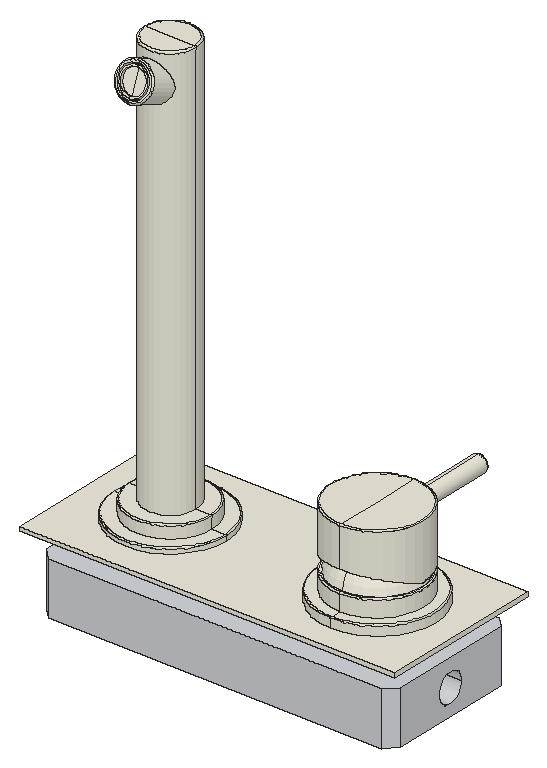
Revit family "Reece_Tap_Sussex_Scala_Straight_Bath Mixer System", category Plumbing Fixtures, host Face, Revit 2018
Family settings
  Host = Face
  Round Connector Dimension = Use Diameter
  Part Type = Normal
  Cut with Voids When Loaded = No
  Shared = Yes
  Room Calculation Point = Yes
Parameters (values of type "200 mm_Right Hand_PVD Brushed Platinum Gold")
  URL = "https://www.reece.com.au/product/-2268237"
  Type Comments = "Tap"
  Reece_Detail_Disclaimer = "THIS FILE IS THE PROPERTY OF THE REECE GROUP. IT MAY NOT BE REPRODUCED, REVERSE-ENGINEERED OR MODIFIED. ANY REPUBLICATION, TRANSMISSION OR DISTRIBUTION FOR THE PURPOSE OF COMMERCIALLY EXPLOITING THE FILES IS PROHIBITED."  # constant formula
  Reece_Connector_Top = if(Reece_Connector_Switch, 120 mm, 50 mm)  # 50 mm
  Reece_Connector_Side = if(Reece_Connector_Switch, 5 mm, 175 mm)  # 175 mm
  Reece_Connector_Switch = no
  Reece_Connector_Angle = if(Reece_Connector_Switch, 180.00°, 0.00°)  # 0.00°
  WFU = 0  # constant formula
  Reece_Tap_Reach = 200 mm
  Reece_Tap_Outlet_Reach = Reece_Tap_Reach - 2 mm  # 198 mm
  Reece_Tap_Inlet = 12 mm  # constant formula
  Reece_Tap_Handle_Projection = 84 mm  # constant formula
  Reece_Tap_Handle_Top_Height = 27 mm  # constant formula
  Reece_Tap_Handle_Height = 42.3 mm  # constant formula
  Reece_Tap_Handle_Bottom_Height = 13 mm  # constant formula
  Reece_Tap_Clearance = 67 mm  # constant formula
  Reece_Backplate_Spout_Thickness = 8.5 mm  # constant formula
  Reece_Right_Void = 24 mm
  Reece_Right Hand = not(Reece_Left Hand)  # yes
  Reece_Product_Web Page = "https://www.reece.com.au/product/-2268237"
  Reece_Product_Type = "Tap"  # constant formula
  Reece_Product_Sub Brand = "Scala"  # constant formula
  Reece_Product_Number = "2268237"
  Reece_Product_Mount = "Wall Mounted"
  Reece_Product_Description = "Sussex Scala Bath Mixer Tap Outlet System Straight 200mm Right Hand Operation LUX PVD Brushed Platinum Gold"
  Reece_Product_Brand = "Sussex"  # constant formula
  Reece_Plumbing_Right_Void_Lenght = 25 mm
  Reece_Plumbing_Left_Void_Lenght = 3 mm
  Reece_Overall_Width = 80 mm  # constant formula
  Reece_Overall_Projection = 210 mm
  Reece_Overall_Length = 180 mm  # constant formula
  Reece_Overall_Diameter = 56 mm  # constant formula
  Reece_Material_Main = Reece_PVD_Brushed_Platinum Gold
  Reece_Left_Void = 12.5 mm
  Reece_Left Hand = no
  Reece_Detail_Shape = "Straight"  # constant formula
  Reece_Detail_Installation = "Right Hand"
  Reece_Detail_Additional = "Bath Mixer System"  # constant formula
  Reece_Backplate_Thickness = 10 mm  # constant formula
  Model = "Scala"
  Manufacturer = "Sussex"
  Keynote = "Product #2268237, Reece_Tap_Sussex_Scala_Straight_Bath Mixer System - 200 mm_Right Hand_PVD Brushed Platinum Gold"
  HWFU = 0  # constant formula
  Disclaimer = "THIS FILE IS THE PROPERTY OF THE REECE GROUP. IT MAY NOT BE REPRODUCED, REVERSE-ENGINEERED OR MODIFIED. ANY REPUBLICATION, TRANSMISSION OR DISTRIBUTION FOR THE PURPOSE OF COMMERCIALLY EXPLOITING THE FILES IS PROHIBITED."  # constant formula
  Description = "Scala Bath Mixer Tap Outlet System Straight 200mm Right Hand Operation LUX PVD Brushed Platinum Gold"
  Default Elevation = 1000 mm
  CWFU = 0  # constant formula
Types (12, lengths in mm): name | URL | Reece_Connector_Top | Reece_Connector_Side | Reece_Connector_Switch | Reece_Connector_Angle | Reece_Tap_Reach | Reece_Tap_Outlet_Reach | Reece_Right_Void | Reece_Right Hand | Reece_Product_Web Page | Reece_Product_Number | Reece_Product_Description | Reece_Plumbing_Right_Void_Lenght | Reece_Plumbing_Left_Void_Lenght | Reece_Overall_Projection | Reece_Material_Main | Reece_Left_Void | Reece_Left Hand | Reece_Detail_Installation | Keynote | Description
  160 mm_Left Hand_Chrome | "https://www.reece.com.au/product/-2262485" | 120 | 5 | yes | 180.00° | 160 | 158 | 12.5 | no | "https://www.reece.com.au/product/-2262485" | "2262485" | "Sussex Scala Bath Mixer Tap Outlet System Straight 160mm Left Hand Operation Chrome" | 3 | 25 | 170 | Reece_Brass_Chrome | 24 | yes | "Left Hand" | "Product #2262485, Reece_Tap_Sussex_Scala_Straight_Bath Mixer System - 160 mm_Left Hand_Chrome" | "Scala Bath Mixer Tap Outlet System Straight 160mm Left Hand Operation Chrome"
  160 mm_Left Hand_PVD Brushed Platinum Gold | "https://www.reece.com.au/product/-2268239" | 120 | 5 | yes | 180.00° | 160 | 158 | 12.5 | no | "https://www.reece.com.au/product/-2268239" | "2268239" | "Sussex Scala Bath Mixer Tap Outlet System Straight 160mm Left Hand Operation LUX PVD Brushed Platinum Gold" | 3 | 25 | 170 | Reece_PVD_Brushed_Platinum Gold | 24 | yes | "Left Hand" | "Product #2268239, Reece_Tap_Sussex_Scala_Straight_Bath Mixer System - 160 mm_Left Hand_PVD Brushed Platinum Gold" | "Scala Bath Mixer Tap Outlet System Straight 160mm Left Hand Operation LUX PVD Brushed Platinum Gold"
  200 mm_Left Hand_Chrome | "https://www.reece.com.au/product/-2262486" | 120 | 5 | yes | 180.00° | 200 | 198 | 12.5 | no | "https://www.reece.com.au/product/-2262486" | "2262486" | "Sussex Scala Bath Mixer Tap Outlet System Straight 200mm Left Hand Operation Chrome" | 3 | 25 | 210 | Reece_Brass_Chrome | 24 | yes | "Left Hand" | "Product #2262486, Reece_Tap_Sussex_Scala_Straight_Bath Mixer System - 200 mm_Left Hand_Chrome" | "Scala Bath Mixer Tap Outlet System Straight 200mm Left Hand Operation Chrome"
  200 mm_Left Hand_PVD Brushed Platinum Gold | "https://www.reece.com.au/product/-2268240" | 120 | 5 | yes | 180.00° | 200 | 198 | 12.5 | no | "https://www.reece.com.au/product/-2268240" | "2268240" | "Sussex Scala Bath Mixer Tap Outlet System Straight 200mm Left Hand Operation LUX PVD Brushed Platinum Gold" | 3 | 25 | 210 | Reece_PVD_Brushed_Platinum Gold | 24 | yes | "Left Hand" | "Product #2268240, Reece_Tap_Sussex_Scala_Straight_Bath Mixer System - 200 mm_Left Hand_PVD Brushed Platinum Gold" | "Scala Bath Mixer Tap Outlet System Straight 200mm Left Hand Operation LUX PVD Brushed Platinum Gold"
  250 mm_Left Hand_Chrome | "https://www.reece.com.au/product/-2262487" | 120 | 5 | yes | 180.00° | 250 | 248 | 12.5 | no | "https://www.reece.com.au/product/-2262487" | "2262487" | "Sussex Scala Bath Mixer Tap Outlet System Straight 250mm Left Hand Operation Chrome" | 3 | 25 | 260 | Reece_Brass_Chrome | 24 | yes | "Left Hand" | "Product #2262487, Reece_Tap_Sussex_Scala_Straight_Bath Mixer System - 250 mm_Left Hand_Chrome" | "Scala Bath Mixer Tap Outlet System Straight 250mm Left Hand Operation Chrome"
  250 mm_Left Hand_PVD Brushed Platinum Gold | "https://www.reece.com.au/product/-2268241" | 120 | 5 | yes | 180.00° | 250 | 248 | 12.5 | no | "https://www.reece.com.au/product/-2268241" | "2268241" | "Sussex Scala Bath Mixer Tap Outlet System Straight 250mm Left Hand Operation LUX PVD Brushed Platinum Gold" | 3 | 25 | 260 | Reece_PVD_Brushed_Platinum Gold | 24 | yes | "Left Hand" | "Product #2268241, Reece_Tap_Sussex_Scala_Straight_Bath Mixer System - 250 mm_Left Hand_PVD Brushed Platinum Gold" | "Scala Bath Mixer Tap Outlet System Straight 250mm Left Hand Operation LUX PVD Brushed Platinum Gold"
  160 mm_Right Hand_Chrome | "https://www.reece.com.au/product/-2262855" | 50 | 175 | no | 0.00° | 160 | 158 | 24 | yes | "https://www.reece.com.au/product/-2262855" | "2262855" | "Sussex Scala Bath Mixer Tap Outlet System Straight 160mm Right Hand Operation Chrome" | 25 | 3 | 170 | Reece_Brass_Chrome | 12.5 | no | "Right Hand" | "Product #2262855, Reece_Tap_Sussex_Scala_Straight_Bath Mixer System - 160 mm_Right Hand_Chrome" | "Scala Bath Mixer Tap Outlet System Straight 160mm Right Hand Operation Chrome"
  160 mm_Right Hand_PVD Brushed Platinum Gold | "https://www.reece.com.au/product/-2268236" | 50 | 175 | no | 0.00° | 160 | 158 | 24 | yes | "https://www.reece.com.au/product/-2268236" | "2268236" | "Sussex Scala Bath Mixer Tap Outlet System Straight 160mm Right Hand Operation LUX PVD Brushed Platinum Gold" | 25 | 3 | 170 | Reece_PVD_Brushed_Platinum Gold | 12.5 | no | "Right Hand" | "Product #2268236, Reece_Tap_Sussex_Scala_Straight_Bath Mixer System - 160 mm_Right Hand_PVD Brushed Platinum Gold" | "Scala Bath Mixer Tap Outlet System Straight 160mm Right Hand Operation LUX PVD Brushed Platinum Gold"
  200 mm_Right Hand_Chrome | "https://www.reece.com.au/product/-2262857" | 50 | 175 | no | 0.00° | 200 | 198 | 24 | yes | "https://www.reece.com.au/product/-2262857" | "2262857" | "Sussex Scala Bath Mixer Tap Outlet System Straight 200mm Right Hand Operation Chrome" | 25 | 3 | 210 | Reece_Brass_Chrome | 12.5 | no | "Right Hand" | "Product #2262857, Reece_Tap_Sussex_Scala_Straight_Bath Mixer System - 200 mm_Right Hand_Chrome" | "Scala Bath Mixer Tap Outlet System Straight 200mm Right Hand Operation Chrome"
  200 mm_Right Hand_PVD Brushed Platinum Gold | "https://www.reece.com.au/product/-2268237" | 50 | 175 | no | 0.00° | 200 | 198 | 24 | yes | "https://www.reece.com.au/product/-2268237" | "2268237" | "Sussex Scala Bath Mixer Tap Outlet System Straight 200mm Right Hand Operation LUX PVD Brushed Platinum Gold" | 25 | 3 | 210 | Reece_PVD_Brushed_Platinum Gold | 12.5 | no | "Right Hand" | "Product #2268237, Reece_Tap_Sussex_Scala_Straight_Bath Mixer System - 200 mm_Right Hand_PVD Brushed Platinum Gold" | "Scala Bath Mixer Tap Outlet System Straight 200mm Right Hand Operation LUX PVD Brushed Platinum Gold"
  250 mm_Right Hand_Chrome | "https://www.reece.com.au/product/-2262859" | 50 | 175 | no | 0.00° | 250 | 248 | 24 | yes | "https://www.reece.com.au/product/-2262859" | "2262859" | "Sussex Scala Bath Mixer Tap Outlet System Straight 250mm Right Hand Operation Chrome" | 25 | 3 | 260 | Reece_Brass_Chrome | 12.5 | no | "Right Hand" | "Product #2262859, Reece_Tap_Sussex_Scala_Straight_Bath Mixer System - 250 mm_Right Hand_Chrome" | "Scala Bath Mixer Tap Outlet System Straight 250mm Right Hand Operation Chrome"
  250 mm_Right Hand_PVD Brushed Platinum Gold | "https://www.reece.com.au/product/-2268238" | 50 | 175 | no | 0.00° | 250 | 248 | 24 | yes | "https://www.reece.com.au/product/-2268238" | "2268238" | "Sussex Scala Bath Mixer Tap Outlet System Straight 250mm Right Hand Operation LUX PVD Brushed Platinum Gold" | 25 | 3 | 260 | Reece_PVD_Brushed_Platinum Gold | 12.5 | no | "Right Hand" | "Product #2268238, Reece_Tap_Sussex_Scala_Straight_Bath Mixer System - 250 mm_Right Hand_PVD Brushed Platinum Gold" | "Scala Bath Mixer Tap Outlet System Straight 250mm Right Hand Operation LUX PVD Brushed Platinum Gold"
Reference planes
  plane 1 "Center (Front/Back)": y = 0
  plane 2 "Bottom": z = 0
  plane 3 "Center (Left/Right)": x = 0
  plane 4 "Top": z = 200
  plane 5: y = 40
  plane 6: y = -40
  plane 7: x = -90
  plane 8: x = 90
  plane 9: x = -49.8
  plane 10: x = 49.8
  plane 11: y = -67
  plane 12: z = 2
  plane 13: z = -23.75
  plane 14: x = -87
  plane 15: y = 37
  plane 16: y = 15
  plane 17: x = 65
  plane 18: z = 210
  plane 19: y = -22.5
  plane 20: y = 61.5
  plane 21: x = 85
  plane 22: x = -85
Forms (mm)
  Extrusion 1, solid, material "Reece_PVD_Brushed_Platinum Gold" <- "Reece_Material_Main"
    sketch origin (0, 0, 0) x (1, 0, 0) y (0, 1, 0)
      loop
        line (-90, 40) -> (-90, -40) -> (90, -40) -> (90, 40) -> (-90, 40)
    from 0 to 2
  Revolve 2, void
    sketch origin (0, 0, 0) x (1, 0, 0) y (0, 0, 1)
      loop
        line (-49.8, 2) -> (-49.8, -39.258) -> (-37.3, -39.258) -> (-37.3, 2) -> (-49.8, 2)
      axis (-49.8, 2) -> (-49.8, -39.258)
    angle from 0 to 360
  Revolve 3, void
    sketch origin (99.6, 0, 0) x (1, 0, 0) y (0, 0, 1)
      loop
        line (-49.8, 2) -> (-49.8, -41.506) -> (-25.8, -41.506) -> (-25.8, 2) -> (-49.8, 2)
      axis (-49.8, 2) -> (-49.8, -41.506)
    angle from 0 to 360
  Revolve 4, solid, visible <- "Reece_Left Hand"
    sketch origin (-79.101, 0, 1219.2) x (-1, 0, 0) y (0, 0, -1)
      loop
        line (-140.374, 1230.612) -> (-140.374, 1229.603) -> (-139.209, 1229.603) -> (-139.978, 1229.064) -> (-139.209, 1228.526) -> (-139.978, 1227.987) -> (-139.209, 1227.449) -> (-139.978, 1226.91) -> (-139.209, 1226.371) -> (-139.978, 1225.833) -> (-139.209, 1225.294) -> (-139.978, 1224.756) -> (-139.209, 1224.217) -> (-139.978, 1223.678) -> (-139.209, 1223.14) -> (-139.978, 1222.601) -> (-139.209, 1222.063) -> (-139.978, 1221.524) -> (-139.209, 1220.985) -> (-139.978, 1220.447) -> (-139.209, 1219.908) -> (-139.978, 1219.37) -> (-139.209, 1218.831) -> (-139.978, 1218.292) -> (-139.209, 1217.754) -> (-140, 1217.2) -> (-128.901, 1217.2) -> (-128.901, 1230.612) -> (-140.374, 1230.612)
      axis (-128.901, 1217.2) -> (-128.901, 1230.612)
    angle from 0 to 360
  Extrusion 5, solid
    sketch origin (0, 0, 0) x (1, 0, 0) y (0, 1, 0)
      loop
        line (-85, 30) -> (-85, -30) -> (-80, -35) -> (80, -35) -> (85, -30) -> (85, 30) -> (80, 35) -> (-80, 35) -> (-85, 30)
    from -36.057 to -10.403
  Extrusion 6, void
    sketch origin (0, 0, 0) x (1, 0, 0) y (0, 1, 0)
      loop
        line (-90, 40) -> (-90, -40) -> (90, -40) -> (90, 40) -> (-90, 40)
    from -46.112 to 0
  Revolve 7, solid, visible <- "Reece_Left Hand"
    sketch origin (0, 0, 0) x (1, 0, 0) y (0, 0, 1)
      loop
        line (-49.8, 2) -> (-49.8, -11.412) -> (-27.752, -11.412) -> (-27.752, 2) -> (-49.8, 2)
      axis (-49.8, 2) -> (-49.8, -11.412)
    angle from 0 to 360
  Revolve 8, solid, visible <- "Reece_Right Hand"
    sketch origin (99.6, 0, 0) x (1, 0, 0) y (0, 0, 1)
      loop
        line (-49.8, 2) -> (-49.8, -11.412) -> (-27.8, -11.412) -> (-27.8, 2) -> (-49.8, 2)
      axis (-49.8, 2) -> (-49.8, -11.412)
    angle from 0 to 360
  Revolve 9, solid, visible <- "Reece_Right Hand"
    sketch origin (79.101, 0, 1219.2) x (1, 0, 0) y (0, 0, 1)
      loop
        line (-140.374, -1230.612) -> (-128.901, -1230.612) -> (-128.901, -1217.2) -> (-140, -1217.2) -> (-139.209, -1217.754) -> (-139.978, -1218.292) -> (-139.209, -1218.831) -> (-139.978, -1219.37) -> (-139.209, -1219.908) -> (-139.978, -1220.447) -> (-139.209, -1220.985) -> (-139.978, -1221.524) -> (-139.209, -1222.063) -> (-139.978, -1222.601) -> (-139.209, -1223.14) -> (-139.978, -1223.678) -> (-139.209, -1224.217) -> (-139.978, -1224.756) -> (-139.209, -1225.294) -> (-139.978, -1225.833) -> (-139.209, -1226.371) -> (-139.978, -1226.91) -> (-139.209, -1227.449) -> (-139.978, -1227.987) -> (-139.209, -1228.526) -> (-139.978, -1229.064) -> (-139.209, -1229.603) -> (-140.374, -1229.603) -> (-140.374, -1230.612)
      axis (-128.901, -1217.2) -> (-128.901, -1230.612)
    angle from 0 to 360
  Revolve 10, void
    sketch origin (0, 0, -23.75) x (1, 0, 0) y (0, 1, 0)
      loop
        line (34.8, 15) -> (41.8, 15) -> (41.8, 40) -> (34.8, 40) -> (34.8, 15)
      axis (34.8, 40) -> (34.8, 15)
    angle from 0 to 360
  Revolve 11, void
    sketch origin (0, 0, -23.5) x (1, 0, 0) y (0, 1, 0)
      loop
        line (65, 0) -> (90, 0) -> (90, 7) -> (65, 7) -> (65, 0)
      axis (65, 0) -> (90, 0)
    angle from 0 to 360
  Revolve 12, void
    sketch origin (0, 0, -23.75) x (-1, 0, 0) y (0, -1, 0)
      loop
        line (34.8, -37) -> (34.8, -40) -> (41.8, -40) -> (41.8, -37) -> (34.8, -37)
      axis (34.8, -40) -> (34.8, -37)
    angle from 0 to 360
  Revolve 13, void
    sketch origin (0, 0, -23.5) x (-1, 0, 0) y (0, -1, 0)
      loop
        line (87, 0) -> (87, -7) -> (90, -7) -> (90, 0) -> (87, 0)
      axis (87, 0) -> (90, 0)
    angle from 0 to 360
Cuts and joins
  Revolve 2, Revolve 3, Revolve 10 cuts Extrusion 1
  Revolve 10 cuts Revolve 8
  Revolve 10, Revolve 11, Revolve 12, Revolve 13 cuts Extrusion 5
Lines and regions (mm)
  reference lines
    curve 1: line (85, 0, -23.75) -> (-85, 0, -23.75)
    curve 2: line (35, -32, -23.75) -> (35, 35, -23.75)
Text (mm)
  text "Reece Copyright © 2018, Reece Ltd." at (-184.095, -168.531, 0), in view "Ref. Level"
  text "Reece ©" at (44.384, 258.95, 192.345), in view "Reece Preview"
Dimensions and locks
  "Reece_Tap_Reach": plane 4 "Top" to plane 2 "Bottom"
  "Reece_Overall_Width": plane 6 to plane 5
  "Reece_Overall_Length": plane 7 to plane 8
  plane 9 to plane 10 = 99.6 mm
  "Reece_Tap_Clearance": plane 11 to plane 1 "Center (Front/Back)"
  plane 4 "Top" to plane 2 "Bottom" = 200 mm
  plane 10 to plane 9 = 99.6 mm
  plane 2 "Bottom" to plane 4 "Top" = 200 mm
  "Reece_Tap_Clearance": plane 1 "Center (Front/Back)" to plane 11
  "Reece_Left_Void": Revolve 2 sketch curve to Revolve 2 sketch curve
  "Reece_Right_Void": Revolve 3 sketch curve to Revolve 3 sketch curve
  "Reece_Plumbing_Left_Void_Lenght": plane 7 to plane 14
  "Reece_Plumbing_Left_Void_Lenght": plane 15 to plane 5
  "Reece_Plumbing_Right_Void_Lenght": plane 5 to plane 16
  "Reece_Plumbing_Right_Void_Lenght": plane 17 to plane 8
  "Reece_Overall_Projection": plane 18 to plane 2 "Bottom"
  "Reece_Tap_Handle_Projection": plane 20 to plane 19
  locked: plane 7 to plane 3 "Center (Left/Right)" at 90
  "Reece_Connector_Side": plane 7 to curve 1
  "Reece_Connector_Top": curve 2 to plane 21
  locked: cut or joined group of Extrusion 1, Revolve 2, Revolve 3, Revolve 10 to Extrusion 5 sketch curve at 5  (x2)
  locked: cut or joined group of Extrusion 1, Revolve 2, Revolve 3, Revolve 10 to Extrusion 5 sketch curve at 10  (x2)
  locked: plane 20 to curve 2 at 26.5
  locked: Revolve 8 sketch curve to Revolve 8 sketch curve at 22
  "Reece_Connector_Angle": angle plane 1 "Center (Front/Back)" to curve 1
  aligned and locked: plane 2 "Bottom" to host face
  aligned and locked: level to host face
  aligned and locked: plane 9 to nested 1
  aligned and locked: plane 10 to nested 2
  aligned and locked: plane 1 "Center (Front/Back)" to nested 2
  aligned and locked: plane 5 to Revolve 10 sketch curve
  aligned and locked: plane 7 to Revolve 13
  aligned and locked: plane 15 to cut or joined group of Extrusion 5, Revolve 10, Revolve 11, Revolve 12, Revolve 13
  aligned and locked: plane 16 to cut or joined group of Extrusion 5, Revolve 10, Revolve 11, Revolve 12, Revolve 13
  aligned and locked: plane 17 to cut or joined group of Extrusion 5, Revolve 10, Revolve 11, Revolve 12, Revolve 13
  aligned and locked: plane 14 to Revolve 13
Automatic sketch dimensions
  host sketch curve to host sketch curve = 380.785 mm
  host sketch curve to host sketch curve = 317.421 mm
  plane 6 to Extrusion 1 sketch curve = 0 mm
  Extrusion 1 sketch curve to plane 7 = 0 mm
  Extrusion 1 sketch curve to plane 8 = 0 mm
  plane 5 to Extrusion 1 sketch curve = 0 mm
  Extrusion 5 sketch curve to plane 22 = 0 mm
  Extrusion 5 sketch curve to plane 21 = 0 mm
  Extrusion 5 sketch curve to plane 22 = 5 mm  (x2)
  plane 21 to Extrusion 5 sketch curve = 5 mm  (x2)
  Extrusion 5 sketch curve to plane 19 = 7.5 mm  (x2)
  Extrusion 5 sketch curve to plane 6 = 5 mm
  plane 6 to Extrusion 6 sketch curve = 0 mm
  Extrusion 6 sketch curve to plane 7 = 0 mm
  Extrusion 6 sketch curve to plane 8 = 0 mm
  plane 5 to Extrusion 6 sketch curve = 0 mm
  Revolve 7 sketch curve to plane 9 = 0 mm  (x2)
  Revolve 7 sketch curve to plane 12 = 0 mm
  Revolve 7 sketch curve to Revolve 7 sketch curve = 22.048 mm
  Revolve 7 sketch curve to level = 11.412 mm
  Revolve 7 sketch curve to level = 3 mm
  plane 13 to Revolve 7 sketch curve = 5.75 mm
  Revolve 8 sketch curve to plane 10 = 0 mm  (x2)
  Revolve 8 sketch curve to plane 12 = 0 mm
  Revolve 8 sketch curve to level = 11.412 mm
  Revolve 8 sketch curve to level = 3 mm
  plane 13 to Revolve 8 sketch curve = 5.75 mm
  Revolve 9 sketch curve to plane 12 = 0 mm
  Revolve 9 sketch curve to plane 9 = 0 mm  (x2)
  level to Revolve 9 sketch curve = 0.369 mm
  Revolve 9 sketch curve to plane 9 = 10.308 mm
  Revolve 9 sketch curve to plane 12 = 0.554 mm
  Revolve 9 sketch curve to Revolve 9 sketch curve = 0 mm  (x11)
  Revolve 9 sketch curve to level = 0.708 mm
  Revolve 9 sketch curve to level = 1.785 mm
  Revolve 9 sketch curve to level = 2.863 mm
  Revolve 9 sketch curve to level = 3.94 mm
  Revolve 9 sketch curve to level = 5.017 mm
  Revolve 9 sketch curve to Revolve 9 sketch curve = 0.769 mm  (x11)
  Revolve 9 sketch curve to level = 4.478 mm
  Revolve 9 sketch curve to level = 3.401 mm
  Revolve 9 sketch curve to level = 2.324 mm
  Revolve 9 sketch curve to level = 1.247 mm
  Revolve 9 sketch curve to level = 0.17 mm
  level to Revolve 9 sketch curve = 0.908 mm
  Revolve 9 sketch curve to Revolve 9 sketch curve = 0.791 mm
  Revolve 9 sketch curve to Revolve 9 sketch curve = 0.397 mm
  Revolve 9 sketch curve to Revolve 9 sketch curve = 0.539 mm  (x10)
  Revolve 9 sketch curve to Revolve 9 sketch curve = 1.009 mm
  Revolve 9 sketch curve to plane 13 = 13.767 mm
  Revolve 9 sketch curve to Revolve 9 sketch curve = 6.93 mm
  Revolve 10 sketch curve to plane 16 = 0 mm
  Revolve 10 sketch curve to plane 10 = 15 mm
  Revolve 10 sketch curve to Revolve 10 sketch curve = 7 mm
  Revolve 10 sketch curve to Revolve 10 sketch curve = 0 mm
  Revolve 10 sketch curve to Revolve 10 sketch curve = 9.784 mm
  Revolve 10 sketch curve to Revolve 10 sketch curve = 8 mm
  plane 1 "Center (Front/Back)" to Revolve 11 sketch curve = 0 mm  (x2)
  Revolve 11 sketch curve to plane 17 = 0 mm
  Revolve 11 sketch curve to plane 8 = 0 mm
  Revolve 11 sketch curve to Revolve 11 sketch curve = 7 mm
  plane 21 to Revolve 11 sketch curve = 5 mm
  Revolve 11 sketch curve to Revolve 11 sketch curve = 10 mm
  plane 15 to Revolve 12 sketch curve = 0 mm
  plane 5 to Revolve 12 sketch curve = 0 mm
  plane 9 to Revolve 12 sketch curve = 15 mm
  Revolve 12 sketch curve to Revolve 12 sketch curve = 7 mm
  Revolve 12 sketch curve to Revolve 12 sketch curve = 0 mm
  Revolve 12 sketch curve to plane 5 = 8 mm
  plane 16 to Revolve 12 sketch curve = 8.643 mm
  plane 1 "Center (Front/Back)" to Revolve 13 sketch curve = 0 mm  (x2)
  Revolve 13 sketch curve to plane 14 = 0 mm
  Revolve 13 sketch curve to plane 7 = 0 mm
  Revolve 13 sketch curve to plane 1 "Center (Front/Back)" = 7 mm
  Revolve 13 sketch curve to plane 22 = 5 mm
  plane 7 to Revolve 13 sketch curve = 10 mm
  Revolve 4 sketch curve to plane 12 = 0 mm
  Revolve 4 sketch curve to plane 10 = 0 mm
  plane 10 to Revolve 4 sketch curve = 0 mm
  Revolve 4 sketch curve to level = 5.017 mm
  Revolve 4 sketch curve to Revolve 4 sketch curve = 10.308 mm
  Revolve 4 sketch curve to plane 12 = 0.554 mm
  Revolve 4 sketch curve to Revolve 4 sketch curve = 0 mm  (x11)
  level to Revolve 4 sketch curve = 0.369 mm
  Revolve 4 sketch curve to level = 0.708 mm
  Revolve 4 sketch curve to level = 1.785 mm
  Revolve 4 sketch curve to level = 7.171 mm
  Revolve 4 sketch curve to level = 2.863 mm
  Revolve 4 sketch curve to level = 6.094 mm
  Revolve 4 sketch curve to level = 3.94 mm
  level to Revolve 4 sketch curve = 0.908 mm
  Revolve 4 sketch curve to Revolve 4 sketch curve = 0.769 mm  (x11)
  Revolve 4 sketch curve to level = 5.556 mm
  Revolve 4 sketch curve to level = 4.478 mm
  Revolve 4 sketch curve to level = 3.401 mm
  Revolve 4 sketch curve to level = 6.633 mm
  Revolve 4 sketch curve to level = 7.71 mm
  Revolve 4 sketch curve to level = 2.324 mm
  Revolve 4 sketch curve to level = 1.247 mm
  Revolve 4 sketch curve to level = 0.17 mm
  Revolve 4 sketch curve to Revolve 4 sketch curve = 0.791 mm
  Revolve 4 sketch curve to Revolve 4 sketch curve = 1.166 mm
  Revolve 4 sketch curve to Revolve 4 sketch curve = 0.539 mm  (x5)
  Revolve 4 sketch curve to Revolve 4 sketch curve = 1.009 mm
  plane 12 to Revolve 4 sketch curve = 6.93 mm
  Revolve 4 sketch curve to plane 13 = 13.767 mm
  Revolve 2 sketch curve to plane 9 = 0 mm  (x2)
  Revolve 2 sketch curve to plane 12 = 0 mm
  Revolve 2 sketch curve to plane 13 = 15.508 mm
  plane 13 to Revolve 2 sketch curve = 3.265 mm
  Revolve 2 sketch curve to Revolve 2 sketch curve = 1.228 mm
  Revolve 3 sketch curve to plane 10 = 0 mm  (x2)
  Revolve 3 sketch curve to plane 12 = 0 mm
  Revolve 3 sketch curve to plane 13 = 17.756 mm
  plane 13 to Revolve 3 sketch curve = 3.265 mm
  Revolve 3 sketch curve to Revolve 3 sketch curve = 1.02 mm
  plane 1 "Center (Front/Back)" to curve 1 = 0 mm
  curve 2 to plane 6 = 8 mm
Nested families
  nested 1: "Reece_Tap_Sussex_Scala_Mixer_Nested" at (-49.8, 0, 2), visible <- "Reece_Left Hand", Reece_Material_Main <- "Reece_Material_Main", Reece_Overall_Diameter <- "Reece_Overall_Diameter", Reece_Tap_Handle_Height <- "Reece_Tap_Handle_Height", Reece_Tap_Handle_Top_Height <- "Reece_Tap_Handle_Top_Height", Reece_Tap_Handle_Bottom_Height <- "Reece_Tap_Handle_Bottom_Height", Reece_Tap_Projection <- "Reece_Tap_Handle_Projection", type "Reece_Tap_Sussex_Scala_Mixer_Nested"
    with Reece_Tap_Projection 84 mm, Reece_Tap_Handle_Top_Height 27 mm, Reece_Tap_Handle_Height 42.3 mm, Reece_Tap_Handle_Bottom_Height 13 mm, Reece_Overall_Diameter 56 mm, Reece_Material_Main Reece_PVD_Brushed_Platinum Gold
  nested 2: "Reece_Tap_Sussex_Scala_Mixer_Nested" at (49.8, 0, 2), visible <- "Reece_Right Hand", Reece_Material_Main <- "Reece_Material_Main", Reece_Overall_Diameter <- "Reece_Overall_Diameter", Reece_Tap_Handle_Height <- "Reece_Tap_Handle_Height", Reece_Tap_Handle_Top_Height <- "Reece_Tap_Handle_Top_Height", Reece_Tap_Handle_Bottom_Height <- "Reece_Tap_Handle_Bottom_Height", Reece_Tap_Projection <- "Reece_Tap_Handle_Projection", type "Reece_Tap_Sussex_Scala_Mixer_Nested"
    with Reece_Tap_Projection 84 mm, Reece_Tap_Handle_Top_Height 27 mm, Reece_Tap_Handle_Height 42.3 mm, Reece_Tap_Handle_Bottom_Height 13 mm, Reece_Overall_Diameter 56 mm, Reece_Material_Main Reece_PVD_Brushed_Platinum Gold
  nested 3: "Reece_Tap_Sussex_Scala_Outlet_Nested" at (49.8, 0, 0.844), visible <- "Reece_Left Hand", Reece_Tap_Reach <- "Reece_Tap_Outlet_Reach", Reece_Material_Main <- "Reece_Material_Main", Reece_Overall_Projection <- "Reece_Overall_Projection", Reece_Backplate_Spout_Thickness <- "Reece_Backplate_Spout_Thickness", type "Reece_Tap_Sussex_Scala_Outlet_Nested"
    with Reece_Tap_Reach 198 mm, Reece_Overall_Projection 210 mm, Reece_Material_Main Reece_PVD_Brushed_Platinum Gold, Reece_Backplate_Spout_Thickness 8.5 mm, Default Elevation 1000 mm
  nested 4: "Reece_Tap_Sussex_Scala_Outlet_Nested" at (-49.8, 0, 0.844), visible <- "Reece_Right Hand", Reece_Tap_Reach <- "Reece_Tap_Outlet_Reach", Reece_Material_Main <- "Reece_Material_Main", Reece_Overall_Projection <- "Reece_Overall_Projection", Reece_Backplate_Spout_Thickness <- "Reece_Backplate_Spout_Thickness", type "Reece_Tap_Sussex_Scala_Outlet_Nested"
    with Reece_Tap_Reach 198 mm, Reece_Overall_Projection 210 mm, Reece_Material_Main Reece_PVD_Brushed_Platinum Gold, Reece_Backplate_Spout_Thickness 8.5 mm, Default Elevation 1000 mm
Connectors
  piping at (85, 0, -23.75), diameter 12, driven by "Reece_Tap_Inlet"
    settings: on curve 1, index 3, connector inside diameter 609.6 mm, connector length 0 mm, flow factor 0, pipe flow 0.0 L/s, pressure drop 0.0 Pa, fitting loss kfactor 0, connector angle 0.00°, fixture units 0, engagement length 0 mm, angle of deflection 0.00°, flow configuration 0, flow direction 1, fitting loss method 0, system type 29, joint type 0, gender type 0, connector reference index -1, connector utility 0, adjustable connector no, is connector primary yes, connector description ""
  piping at (35, 35, -23.75), diameter 12, driven by "Reece_Tap_Inlet"
    settings: on curve 2, index 4, connector inside diameter 609.6 mm, connector length 0 mm, flow factor 0, pipe flow 0.0 L/s, pressure drop 0.0 Pa, fitting loss kfactor 0, connector angle 0.00°, fixture units 0, engagement length 0 mm, angle of deflection 0.00°, flow configuration 0, flow direction 1, fitting loss method 0, system type 29, joint type 0, gender type 0, connector reference index -1, connector utility 0, adjustable connector no, is connector primary no, connector description ""
Definition of nested family "Reece_Tap_Sussex_Scala_Mixer_Nested"
  Parameters (values of type "Reece_Tap_Sussex_Scala_Mixer_Nested")
    Waste Connection = no
    WFU = 0
    Vent Connection = no
    URL = ""
    Type Comments = ""
    Reece_Tap_Projection [instance] = 85 mm
    Reece_Tap_Handle_Top_Height [instance] = 30 mm
    Reece_Tap_Handle_Height [instance] = 46.4 mm
    Reece_Tap_Handle_Bottom_Height [instance] = 15 mm
    Reece_Overall_Diameter [instance] = 55 mm
    Reece_Material_Main [instance] = none
    Model = ""
    Manufacturer = ""
    Keynote = ""
    HWFU = 0
    HW Connection = no
    Description = ""
    Default Elevation = 0 mm
    Cost = 0
    CWFU = 0
    CW Connection = no
    Assembly Code = ""
  Reference planes
    plane 1 "Center (Front/Back)": y = 0
    plane 2 "Bottom": z = 0
    plane 3 "Center (Left/Right)": x = 0
    plane 4: y = -27.5
    plane 5: y = 27.5
    plane 6: z = 36
    plane 7: x = -27
    plane 8: x = 27
    plane 9: z = 46.4
    plane 10: z = 16.4
    plane 11: z = 15
    plane 12: z = 4.8
    plane 13: x = -22.5
    plane 14: x = 22.5
    plane 15: y = 22.5
    plane 16: y = -22.5
    plane 17: y = 62.5
  Forms (mm)
    Extrusion 1, solid
      sketch origin (619.2, -619.2, 0) x (1, 0, 0) y (0, 1, 0)
        loop
          line (-809.2, 779.2) -> (-809.2, 461.779) -> (-428.415, 461.779) -> (-428.415, 779.2) -> (-809.2, 779.2)
      from 0 to -9.564
    Revolve 2, solid, material <- "Reece_Material_Main"
      sketch origin (0, 0, 0) x (0, 1, 0) y (0, 0, 1)
        loop
          line (0, 0) -> (0, 15) -> (-22, 15)
          arc (-22, 15) -> (-22.354, 14.854) -> (-22.5, 14.5) r 0.5
          line (-22.5, 14.5) -> (-22.5, 4.8) -> (-27, 4.8)
          arc (-27, 4.8) -> (-27.354, 4.654) -> (-27.5, 4.3) r 0.5
          line (-27.5, 4.3) -> (-27.5, 0) -> (0, 0)
        axis (0, 15) -> (0, 0)
      angle from 0 to 360
    Revolve 3, solid, material <- "Reece_Material_Main"
      sketch origin (0, 0, 0) x (0, 1, 0) y (0, 0, 1)
        loop
          line (0, 15) -> (0, 31.322)
          arc (0, 31.322) -> (-13.307, 26.749) -> (-21.048, 15) r 21.8
          line (-21.048, 15) -> (0, 15)
        axis (0, 31.322) -> (0, 15)
      angle from 0 to 360
    Revolve 4, solid, material <- "Reece_Material_Main"
      sketch origin (0, 0, 0) x (0, 1, 0) y (0, 0, 1)
        loop
          line (0, 46.4) -> (-22, 46.4)
          arc (-22, 46.4) -> (-22.354, 46.254) -> (-22.5, 45.9) r 0.5
          line (-22.5, 45.9) -> (-22.5, 16.9)
          arc (-22.5, 16.9) -> (-22.354, 16.546) -> (-22, 16.4) r 0.5
          line (-22, 16.4) -> (0, 16.4) -> (0, 46.4)
        axis (0, 46.4) -> (0, 16.4)
      angle from 0 to 360
    Extrusion 5, void
      sketch origin (0, 0, 0) x (0, 1, 0) y (0, 0, 1)
        loop
          line (0, 16.4) -> (-25.877, 28.551) -> (-25.877, 16.4) -> (0, 16.4)
      from -27 to 27
    Revolve 6, solid, material <- "Reece_Material_Main"
      sketch origin (0, 0, 30.1) x (0, -1, 0) y (0, 0, -1)
        loop
          line (0, -5.9) -> (-62.5, -5.9) -> (-62.5, -9.4)
          arc (-62.5, -9.4) -> (-62.354, -9.754) -> (-62, -9.9) r 0.5
          line (-62, -9.9) -> (0, -9.9) -> (0, -5.9)
        axis (0, -5.9) -> (-62.5, -5.9)
      angle from 0 to 360
  Cuts and joins
    Extrusion 5 cuts Revolve 4
    joined: Revolve 2, Revolve 3, Revolve 4, Revolve 6
  Text (mm)
    text "Reece Copyright © 2018, Reece Ltd." at (-535.299, -238.73, 0), in view "Ref. Level"
    text "Reece ©" at (44.384, 258.95, 192.345), in view "Reece Preview"
  Dimensions and locks
    "Reece_Overall_Diameter": plane 4 to plane 5
    equal spacing: plane 4, plane 1 "Center (Front/Back)", plane 5
    "Reece_Tap_Handle_Top_Height": plane 9 to plane 10
    "Reece_Tap_Handle_Height": plane 9 to plane 2 "Bottom"
    locked: plane 9 to plane 6 at 10.4
    "Reece_Tap_Handle_Bottom_Height": plane 11 to plane 2 "Bottom"
    plane 12 to Extrusion 1 = 4.8 mm
    plane 13 to plane 14 = 45 mm
    locked: Revolve 2 sketch curve to Revolve 2 sketch curve at 22.5
    locked: cut or joined group of Revolve 2, Revolve 3, Revolve 4, Extrusion 5, Revolve 6 to Revolve 3 sketch curve at 16.322
    locked: Revolve 3 sketch curve to Revolve 3 sketch curve at 21.048
    locked: plane 16 to plane 15 at 45
    "Reece_Tap_Projection": plane 16 to plane 17
    aligned and locked: plane 2 "Bottom" to Extrusion 1
    aligned and locked: level to Extrusion 1
    aligned and locked: cut or joined group of Revolve 2, Revolve 3, Revolve 4, Extrusion 5, Revolve 6 to plane 11
    aligned and locked: Revolve 3 to plane 11  (x2)
    aligned and locked: plane 10 to Revolve 4 sketch curve
    aligned and locked: plane 9 to Revolve 4 sketch curve
    aligned and locked: plane 10 to Extrusion 5 sketch curve
    aligned and locked: Revolve 2 sketch curve to plane 4
    aligned and locked: cut or joined group of Revolve 2, Revolve 3, Revolve 4, Extrusion 5, Revolve 6 to Revolve 4 sketch curve
    aligned and locked: Extrusion 5 to plane 10
    aligned and locked: plane 1 "Center (Front/Back)" to Revolve 4 sketch curve
    aligned and locked: plane 1 "Center (Front/Back)" to Revolve 6 sketch curve
    aligned and locked: Revolve 6 sketch curve to plane 17
  Automatic sketch dimensions
    Extrusion 1 sketch curve to Extrusion 1 sketch curve = 380.785 mm
    Extrusion 1 sketch curve to Extrusion 1 sketch curve = 317.421 mm
    plane 4 to Extrusion 5 sketch curve = 1.623 mm
    Extrusion 5 sketch curve to plane 1 "Center (Front/Back)" = 0 mm
    Extrusion 5 sketch curve to plane 6 = 7.449 mm
    Revolve 4 sketch curve to plane 11 = 0 mm
    Revolve 4 sketch curve to plane 9 = 0.5 mm
    Revolve 4 sketch curve to Revolve 4 sketch curve = 0.5 mm
    Revolve 4 sketch curve to level = 20 mm
    Revolve 3 sketch curve to plane 11 = 0 mm
    Revolve 3 sketch curve to plane 1 "Center (Front/Back)" = 0 mm  (x2)
    Revolve 3 sketch curve to plane 10 = 0 mm
    Revolve 3 sketch curve to plane 1 "Center (Front/Back)" = 0.053 mm
    Revolve 3 sketch curve to Revolve 3 sketch curve = 2.019 mm
    level to Revolve 2 sketch curve = 0 mm
    Revolve 2 sketch curve to plane 12 = 0 mm
    Revolve 2 sketch curve to plane 11 = 0 mm  (x2)
    Revolve 2 sketch curve to plane 1 "Center (Front/Back)" = 0 mm  (x2)
    plane 4 to Revolve 2 sketch curve = 0.5 mm
    Revolve 2 sketch curve to Revolve 2 sketch curve = 0.5 mm
    Revolve 2 sketch curve to level = 20 mm
    Revolve 4 sketch curve to plane 1 "Center (Front/Back)" = 0 mm
    plane 6 to Revolve 6 sketch curve = 0 mm
    Revolve 6 sketch curve to plane 6 = 0 mm
    plane 17 to Revolve 6 sketch curve = 0.5 mm
    plane 6 to Revolve 6 sketch curve = 3.5 mm
    Revolve 6 sketch curve to Revolve 6 sketch curve = 5 mm
    plane 1 "Center (Front/Back)" to Revolve 6 sketch curve = 5 mm
Definition of nested family "Reece_Tap_Sussex_Scala_Outlet_Nested"
  Parameters (values of type "Reece_Tap_Sussex_Scala_Outlet_Nested")
    Waste Connection = no
    WFU = 0
    Vent Connection = no
    URL = ""
    Type Comments = ""
    Reece_Tap_Reach [instance] = 160 mm
    Reece_Backplate_Spout_Thickness [instance] = 9.3 mm
    Reece_Overall_Projection [instance] = 170 mm
    Reece_Material_Main [instance] = none
    Model = ""
    Manufacturer = ""
    Keynote = ""
    HWFU = 0
    HW Connection = no
    Description = ""
    Default Elevation = 0 mm
    Cost = 0
    CWFU = 0
    CW Connection = no
    Assembly Code = ""
  Reference planes
    plane 1 "Center (Front/Back)": y = 0
    plane 2 "Bottom": z = 1.156
    plane 3 "Center (Left/Right)": x = 0
    plane 4: x = -83
    plane 5: x = 83
    plane 6: x = 142.5
    plane 7: z = 161.156
    plane 8: y = 27
    plane 9: y = -27
    plane 10: x = 63
    plane 11: x = 103
    plane 12: z = 171.156
    plane 13: y = -22
    plane 14: x = -12.515
    plane 15: x = 12.515
    plane 16: z = 10.456
  Forms (mm)
    Extrusion 1, solid
      sketch origin (619.2, -619.2, 0) x (1, 0, 0) y (0, 1, 0)
        loop
          line (-809.2, 744.2) -> (-809.2, 511.85) -> (-428.415, 511.85) -> (-428.415, 744.2) -> (-809.2, 744.2)
      from 1.156 to -9.564
    Revolve 2, solid, material <- "Reece_Material_Main"
      sketch origin (0, 0, 0) x (1, 0, 0) y (0, 0, 1)
        loop
          arc (12.5, 170.356) -> (12.266, 170.921) -> (11.7, 171.156) r 0.8
          line (11.7, 171.156) -> (0, 171.156) -> (0, 10.456) -> (12.5, 10.456) -> (12.5, 170.356)
        axis (0, 171.156) -> (0, 10.456)
      angle from 0 to 360
    Revolve 3, solid, material <- "Reece_Material_Main"
      sketch origin (0, -265.32, 38.762) x (0, -0.374607, -0.927184) y (0, 0.927184, -0.374607)
        loop
          line (-212.131, 179.752) -> (-212.131, 183.683) -> (-211.331, 183.683) -> (-211.331, 179.752) -> (-210.502, 179.752) -> (-210.502, 180.591) -> (-204.631, 180.591) -> (-204.631, 202.429) -> (-213.631, 202.429) -> (-213.631, 180.33)
          arc (-213.631, 180.33) -> (-213.462, 179.922) -> (-213.053, 179.752) r 0.578
          line (-213.053, 179.752) -> (-212.131, 179.752)
        axis (-204.631, 202.429) -> (-204.631, 179.752)
      angle from 0 to 360
    Revolve 4, solid, material <- "Reece_Material_Main"
      sketch origin (0, 0, 0) x (1, 0, 0) y (0, 0, 1)
        loop
          line (27, 1.156) -> (27, 3.144)
          arc (27, 3.144) -> (26.85, 3.506) -> (26.488, 3.656) r 0.512
          line (26.488, 3.656) -> (20, 3.656) -> (20, 9.156)
          arc (20, 9.156) -> (19.853, 9.509) -> (19.5, 9.656) r 0.5
          line (19.5, 9.656) -> (11.2, 9.656) -> (11.2, 10.501) -> (0, 10.501) -> (0, 1.156) -> (27, 1.156)
        axis (0, 10.501) -> (0, 1.156)
      angle from 0 to 360
  Cuts and joins
    joined: Revolve 2, Revolve 3
  Text (mm)
    text "Reece Copyright © 2018, Reece Ltd." at (-306.098, -56.836, 0), in view "Ref. Level"
    text "Reece ©" at (44.384, 258.95, 192.345), in view "Reece Preview"
  Dimensions and locks
    plane 4 to plane 5 = 166 mm
    plane 9 to plane 8 = 54 mm
    plane 10 to plane 11 = 40 mm
    plane 12 to plane 7 to plane 2 "Bottom" = 10 mm, 160 mm
    "Reece_Tap_Reach": plane 7 to plane 2 "Bottom"
    plane 2 "Bottom" to plane 12 = 170 mm  (x2)
    plane 7 to plane 12 = 10 mm
    plane 12 to plane 7 = 10 mm
    plane 1 "Center (Front/Back)" to plane 13 = 22 mm
    plane 14 to plane 15 = 25.029 mm
    equal spacing: plane 4, plane 3 "Center (Left/Right)", plane 5
    plane 8 to plane 9 = 54 mm
    "Reece_Overall_Projection": plane 2 "Bottom" to plane 12
    "Reece_Backplate_Spout_Thickness": plane 16 to plane 2 "Bottom"
    aligned and locked: plane 2 "Bottom" to Extrusion 1
    aligned and locked: plane 12 to Revolve 2 sketch curve
    aligned and locked: plane 16 to cut or joined group of Revolve 2, Revolve 3
  Automatic sketch dimensions
    Extrusion 1 sketch curve to Extrusion 1 sketch curve = 380.785 mm
    Extrusion 1 sketch curve to Extrusion 1 sketch curve = 232.35 mm
    plane 7 to Revolve 3 sketch curve = 0.15 mm
    Revolve 3 sketch curve to plane 1 "Center (Front/Back)" = 2.397 mm
    Revolve 3 sketch curve to Revolve 3 sketch curve = 0.578 mm
    Revolve 3 sketch curve to Revolve 3 sketch curve = 0.922 mm
    Revolve 3 sketch curve to Revolve 3 sketch curve = 0.8 mm
    Revolve 3 sketch curve to Revolve 3 sketch curve = 0.829 mm
    Revolve 3 sketch curve to Revolve 3 sketch curve = 5.871 mm
    Revolve 3 sketch curve to Revolve 3 sketch curve = 18.746 mm
    Revolve 3 sketch curve to Revolve 3 sketch curve = 3.092 mm
    Revolve 3 sketch curve to Revolve 3 sketch curve = 0.261 mm
    Revolve 3 sketch curve to Revolve 3 sketch curve = 0 mm  (x2)
    Revolve 3 sketch curve to Revolve 3 sketch curve = 8.179 mm
    Revolve 3 sketch curve to Revolve 3 sketch curve = 8.71 mm
    Revolve 2 sketch curve to plane 3 "Center (Left/Right)" = 0 mm  (x2)
    Revolve 2 sketch curve to plane 15 = 0.815 mm
    Revolve 2 sketch curve to plane 15 = 0.015 mm
    Revolve 2 sketch curve to level = 7.912 mm
    Revolve 4 sketch curve to plane 3 "Center (Left/Right)" = 0 mm  (x2)
    Revolve 4 sketch curve to plane 2 "Bottom" = 0 mm
    Revolve 4 sketch curve to plane 15 = 1.315 mm
    plane 15 to Revolve 4 sketch curve = 6.985 mm
    plane 2 "Bottom" to Revolve 4 sketch curve = 2.5 mm
    Revolve 4 sketch curve to Revolve 4 sketch curve = 0.5 mm
    plane 2 "Bottom" to Revolve 4 sketch curve = 1.988 mm
    Revolve 4 sketch curve to Revolve 4 sketch curve = 6.488 mm
    Revolve 4 sketch curve to level = 7.912 mm
    plane 2 "Bottom" to Revolve 2 sketch curve = 9.3 mm
    Revolve 2 sketch curve to Revolve 2 sketch curve = 1.755 mm
    Revolve 4 sketch curve to Revolve 4 sketch curve = 5.5 mm
    Revolve 4 sketch curve to Revolve 4 sketch curve = 9.345 mm
    Revolve 4 sketch curve to Revolve 4 sketch curve = 1.8 mm
